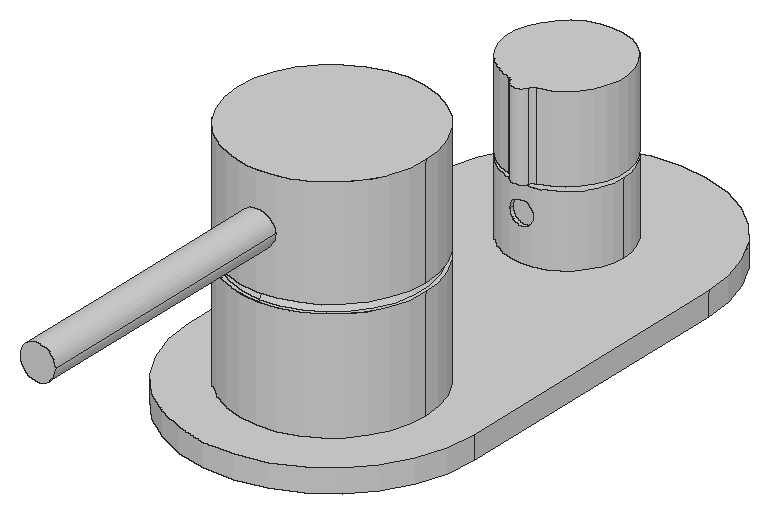
Revit family "Liano II - Bath-shower mixer with diverter - Rounded Cover Plate", category Specialty Equipment, host Face, Revit 2019
Family settings
  Host = Face
  Round Connector Dimension = Use Radius
  Part Type = Normal
  OmniClass Number = 23.45.55.17
  OmniClass Title = Mixing Faucets
  Cut with Voids When Loaded = No
  Shared = No
  Room Calculation Point = No
Parameters (values of type "Liano II - Bath/shower mixer with diverter - Rounded Cover Plate - Chrome")
  URL = "https://www.caroma.com.au/"
  Model = "96366C"
  Material_Base = GWA_Metal-Chrome
  Manufacturer = "GWA Bathrooms & Kitchens"  # constant formula
  Keynote = ""
  Description = "Liano II - Bath/shower mixer with diverter - Rounded Cover Plate - Chrome"
  Default Elevation = 1000 mm
  CreatedBy_ANZRS = "GWA Bathrooms & Kitchens"  # constant formula
  Assembly Code = "C1030220"
Types (6, lengths in mm): name | Model | Material_Base | Description
  (no name) | "96366C" | GWA_Metal-Chrome | "Liano II - Bath/shower mixer with diverter - Rounded Cover Plate - Chrome"
  Liano II - Bath/shower mixer with diverter - Rounded Cover Plate - Chrome | "96366C" | GWA_Metal-Chrome | "Liano II - Bath/shower mixer with diverter - Rounded Cover Plate - Chrome"
  Liano II - Bath/shower mixer with diverter - Rounded Cover Plate - Matte Black | "96366B" | GWA-Metal-Black | "Liano II - Bath/shower mixer with diverter - Rounded Cover Plate - Matte Black"
  Liano II - Bath/shower mixer with diverter - Rounded Cover Plate - Brass | "96366BB" | GWA_Metal-Brushed-Brass | "Liano II - Bath/shower mixer with diverter - Rounded Cover Plate - Brass"
  Liano II - Bath/shower mixer with diverter - Rounded Cover Plate - Gunmetal | "96366GM" | GWA-Metal-Gunmetal Grey | "Liano II - Bath/shower mixer with diverter - Rounded Cover Plate - Gunmetal"
  Liano II - Bath/Shower mixer with diverter - Rounded Cover Plate - Brushed Nickel | "96366BN" | GWA_Metal-Brushed-Nickel | "Liano II - Bath/Shower mixer with diverter - Rounded Cover Plate - Brushed Nickel"
Reference planes
  plane 1 "Center (Front/Back)": y = 0
  plane 2: z = 0
  plane 3 "Center (Left/Right)": x = 0
Forms (mm)
  Extrusion 1, solid, material "GWA_Metal-Chrome" <- "Material_Base"
    sketch origin (0, 0, 0) x (1, 0, 0) y (0, 1, 0)
      loop
        arc (-32.5, 0) -> (0, -32.5) -> (32.5, 0) r 32.5
        line (32.5, 0) -> (32.5, 67)
        arc (32.5, 67) -> (0, 99.5) -> (-32.5, 67) r 32.5
        line (-32.5, 67) -> (-32.5, 0)
    from 0 to 5.2
  Extrusion 2, solid, material "GWA_Metal-Chrome" <- "Material_Base"
    sketch origin (0, 0, 0) x (1, 0, 0) y (0, 1, 0)
      loop
        circle (0, 0) r 21.5
    from 5.2 to 30.5
  Extrusion 3, solid, material "GWA_Metal-Chrome" <- "Material_Base"
    sketch origin (0, 0, 0) x (1, 0, 0) y (0, 1, 0)
      loop
        circle (0, 0) r 21.5
    from 32.5 to 57.5
  Revolve 4, solid, material "GWA_Metal-Chrome" <- "Material_Base"
    sketch origin (0, 0, 0) x (0, 1, 0) y (0, 0, 1)
      loop
        line (0, 30.5) -> (20.6, 30.5)
        arc (20.6, 30.5) -> (18.521, 33.852) -> (15.9, 36.8) r 23
        line (15.9, 36.8) -> (0, 36.8) -> (0, 30.5)
      axis (0, 36.8) -> (0, 30.5)
    angle from 0 to 360
  Extrusion 5, solid, material "GWA_Metal-Chrome" <- "Material_Base"
    sketch origin (0, 0, 0) x (1, 0, 0) y (0, 0, 1)
      loop
        circle (0, 45.5) r 4
    from 0 to 84
  Extrusion 6, solid, material "GWA_Metal-Chrome" <- "Material_Base"
    sketch origin (0, 67, 0) x (1, 0, 0) y (0, 1, 0)
      loop
        circle (0, 0) r 13
    from 5.2 to 21.4
  Extrusion 7, solid, material "GWA_Metal-Chrome" <- "Material_Base"
    sketch origin (0, 0, 0) x (1, 0, 0) y (0, 1, 0)
      loop
        arc (3.182, 54.395) -> (0, 80) -> (-3.182, 54.395) r 13
        arc (-3.182, 54.395) -> (-2.553, 54.063) -> (-2.148, 53.477) r 1.5
        arc (-2.148, 53.477) -> (0, 52) -> (2.148, 53.477) r 2.3
        arc (2.148, 53.477) -> (2.553, 54.063) -> (3.182, 54.395) r 1.5
    from 22.4 to 41.9
  Extrusion 8, void
    sketch origin (0, 0, 0) x (1, 0, 0) y (0, 0, 1)
      loop
        circle (0, 15.5) r 2.75
    from -55 to -52
Cuts and joins
  joined: Extrusion 3, Extrusion 5
  Extrusion 8 cuts Extrusion 6
Lines and regions (mm)
  Masking region 1
    outline origin (0, 0, 0) x (1, 0, 0) y (0, 1, 0)
      loop
        arc (4, -32.253) -> (24.354, -21.52) -> (32.5, 0) r 32.5
        line (32.5, 0) -> (32.5, 67)
        arc (32.5, 67) -> (0, 99.5) -> (-32.5, 67) r 32.5
        line (-32.5, 67) -> (-32.5, 0)
        arc (-32.5, 0) -> (-24.354, -21.52) -> (-4, -32.253) r 32.5
        line (-4, -32.253) -> (-4, -84) -> (4, -84) -> (4, -32.253)
  Masking region 2
    outline origin (0, 0, 0) x (1, 0, 0) y (0, 0, 1)
      loop
        line (21.5, 5.2) -> (21.5, 30.5) -> (20.6, 30.5)
        arc (20.6, 30.5) -> (20.053, 31.514) -> (19.457, 32.5) r 23
        line (19.457, 32.5) -> (21.5, 32.5) -> (21.5, 57.5) -> (-21.5, 57.5) -> (-21.5, 32.5) -> (-19.457, 32.5)
        arc (-19.457, 32.5) -> (-20.053, 31.514) -> (-20.6, 30.5) r 23
        line (-20.6, 30.5) -> (-21.5, 30.5) -> (-21.5, 5.2) -> (-32.5, 5.2) -> (-32.5, 0) -> (32.5, 0) -> (32.5, 5.2) -> (21.5, 5.2)
  Masking region 3
    outline origin (-100, 0, 0) x (0, 1, 0) y (0, 0, 1)
      loop
        line (-21.5, 32.5) -> (-19.457, 32.5)
        arc (-19.457, 32.5) -> (-20.053, 31.514) -> (-20.6, 30.5) r 23
        line (-20.6, 30.5) -> (-21.5, 30.5) -> (-21.5, 5.2) -> (-32.5, 5.2) -> (-32.5, 0) -> (99.5, 0) -> (99.5, 5.2) -> (80, 5.2) -> (80, 41.9) -> (52, 41.9) -> (52, 22.4) -> (54, 22.4) -> (54, 5.2) -> (21.5, 5.2) -> (21.5, 30.5) -> (20.6, 30.5)
        arc (20.6, 30.5) -> (20.053, 31.514) -> (19.457, 32.5) r 23
        line (19.457, 32.5) -> (21.5, 32.5) -> (21.5, 57.5) -> (-21.5, 57.5) -> (-21.5, 49.5) -> (-84, 49.5) -> (-84, 41.5) -> (-21.5, 41.5) -> (-21.5, 32.5)
  symbolic lines
    curve 1: circle (0, 0, 0) r 21.5 normal (0, 0, 1)
    curve 2: line (-4, -84, 0) -> (4, -84, 0)
    curve 3: line (4, -84, 0) -> (4, -21.125, 0)
    curve 4: line (-4, -84, 0) -> (-4, -21.125, 0)
    curve 5: line (32.5, 0, 5.2) -> (-32.5, 0, 5.2)
    curve 6: line (32.5, 0, 0) -> (32.5, 0, 5.2)
    curve 7: line (-32.5, 0, 0) -> (32.5, 0, 0)
    curve 8: line (-32.5, 0, 5.2) -> (-32.5, 0, 0)
    curve 9: line (21.5, 0, 57.5) -> (-21.5, 0, 57.5)
    curve 10: line (21.5, 0, 32.5) -> (21.5, 0, 57.5)
    curve 11: line (-21.5, 0, 32.5) -> (-13, 0, 32.5)
    curve 12: line (-21.5, 0, 57.5) -> (-21.5, 0, 32.5)
    curve 13: line (21.5, 0, 5.2) -> (21.5, 0, 30.5)
    curve 14: line (21.5, 0, 30.5) -> (13, 0, 30.5)
    curve 15: line (-21.5, 0, 30.5) -> (-21.5, 0, 5.2)
    curve 16: arc (-19.457, 0, 32.5) -> (-20.053, 0, 31.514) -> (-20.6, 0, 30.5) r 23
    curve 17: arc (19.457, 0, 32.5) -> (20.053, 0, 31.514) -> (20.6, 0, 30.5) r 23
    curve 18: line (-100, -32.5, 5.2) -> (-100, 99.5, 5.2)
    curve 19: line (-100, -32.5, 0) -> (-100, -32.5, 5.2)
    curve 20: line (-100, 99.5, 0) -> (-100, -32.5, 0)
    curve 21: line (-100, 99.5, 5.2) -> (-100, 99.5, 0)
    curve 22: line (-100, -21.5, 57.5) -> (-100, 21.5, 57.5)
    curve 23: line (-100, -21.5, 32.5) -> (-100, -21.5, 41.5)
    curve 24: line (-100, 21.5, 57.5) -> (-100, 21.5, 32.5)
    curve 25: line (-100, 21.5, 30.5) -> (-100, 21.5, 5.2)
    curve 26: line (-100, -21.5, 30.5) -> (-100, -21.5, 5.2)
    curve 27: line (-100, -84, 49.5) -> (-100, -21.5, 49.5)
    curve 28: line (-100, -84, 41.5) -> (-100, -84, 49.5)
    curve 29: line (-100, -21.5, 41.5) -> (-100, -84, 41.5)
    curve 30: arc (-100, -21.5, 49.5) -> (-100, -21.125, 45.5) -> (-100, -21.5, 41.5) r 21.5
    curve 31: arc (-100, 19.457, 32.5) -> (-100, 20.053, 31.514) -> (-100, 20.6, 30.5) r 23
    curve 32: arc (-100, -19.457, 32.5) -> (-100, -20.053, 31.514) -> (-100, -20.6, 30.5) r 23
    curve 33: line (-100, -21.5, 49.5) -> (-100, -21.5, 57.5)
    curve 34: line (-100, -21.5, 32.5) -> (-100, 21.5, 32.5)
    curve 35: line (-100, 21.5, 30.5) -> (-100, -21.5, 30.5)
    curve 36: line (-100, 80, 21.4) -> (-100, 54, 21.4)
    curve 37: line (-100, 52, 22.4) -> (-100, 80, 22.4)
    curve 38: line (-100, 52, 22.4) -> (-100, 52, 41.9)
    curve 39: line (-100, 52, 41.9) -> (-100, 80, 41.9)
    curve 40: line (-100, 80, 41.9) -> (-100, 80, 22.4)
    curve 41: line (-100, 54, 21.4) -> (-100, 54, 18.25)
    curve 42: line (-100, 80, 5.2) -> (-100, 80, 21.4)
    curve 43: arc (-100, 54, 18.25) -> (-100, 54.294, 15.5) -> (-100, 54, 12.75) r 13
    curve 44: line (-100, 54, 12.75) -> (-100, 54, 5.2)
    curve 45: line (13, 0, 41.9) -> (-13, 0, 41.9)
    curve 46: line (13, 0, 22.4) -> (13, 0, 41.9)
    curve 47: line (-13, 0, 22.4) -> (13, 0, 22.4)
    curve 48: line (-13, 0, 41.9) -> (-13, 0, 22.4)
    curve 49: line (13, 0, 21.4) -> (-13, 0, 21.4)
    curve 50: line (13, 0, 5.2) -> (13, 0, 21.4)
    curve 51: line (-13, 0, 21.4) -> (-13, 0, 5.2)
    curve 52: line (13, 0, 32.5) -> (21.5, 0, 32.5)
    curve 53: line (-13, 0, 30.5) -> (-21.5, 0, 30.5)
    curve 54: arc (3.182, 54.395, 0) -> (0, 80, 0) -> (-3.182, 54.395, 0) r 13
    curve 55: arc (-3.182, 54.395, 0) -> (-2.553, 54.063, 0) -> (-2.148, 53.477, 0) r 1.5
    curve 56: arc (-2.148, 53.477, 0) -> (0, 52, 0) -> (2.148, 53.477, 0) r 2.3
    curve 57: arc (2.148, 53.477, 0) -> (2.553, 54.063, 0) -> (3.182, 54.395, 0) r 1.5
Dimensions and locks
  aligned and locked: plane 2 to host face
  aligned and locked: level to host face
Connectors
  piping at (-10, 0, 0), diameter 20
    settings: index 1, connector inside diameter 609.6 mm, connector length 0 mm, flow factor 0, pipe flow 0.0 L/s, pressure drop 0.0 Pa, fitting loss kfactor 0, connector angle 0.00°, fixture units 0, engagement length 0 mm, angle of deflection 0.00°, flow configuration 3, flow direction 1, fitting loss method 0, system type 19, joint type 0, gender type 0, connector reference index -1, connector utility 0, adjustable connector no, is connector primary yes, connector description ""
  piping at (10, 0, 0), diameter 20
    settings: index 2, connector inside diameter 609.6 mm, connector length 0 mm, flow factor 0, pipe flow 0.0 L/s, pressure drop 0.0 Pa, fitting loss kfactor 0, connector angle 0.00°, fixture units 0, engagement length 0 mm, angle of deflection 0.00°, flow configuration 3, flow direction 1, fitting loss method 0, system type 20, joint type 0, gender type 0, connector reference index -1, connector utility 0, adjustable connector no, is connector primary no, connector description ""
